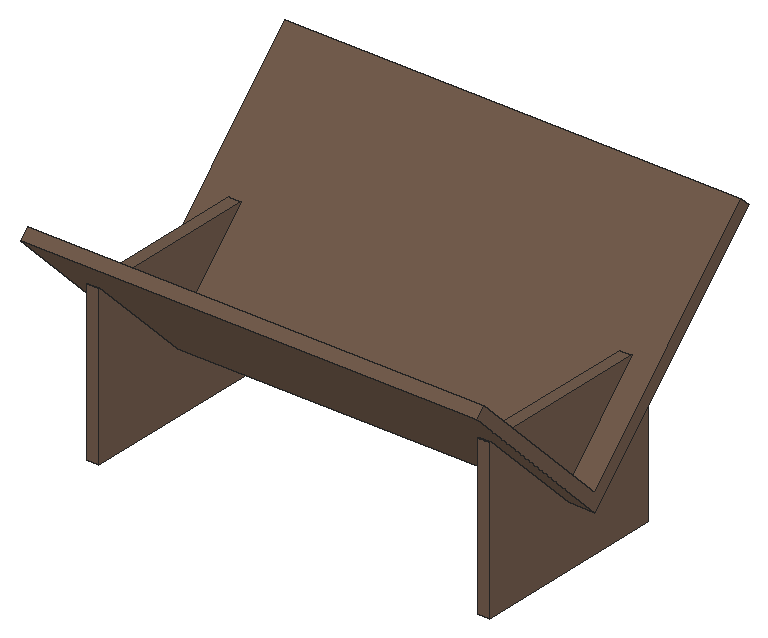
Revit family "Indoor_Side Table_Santa & Cole_Librero Oakland", category Mobiliario, Revit 2018
Family settings
  Se basa en plano de trabajo = No
  Siempre vertical = Sí
  Corte con vacíos al cargar = No
  Compartido = No
  Punto de cálculo de habitación = No
Parameters (values of type "Librero Oakland - Walnut")
  URL = "https://www.santacole.com/en/product/accesorios-mob-en/oakland/"
  Technical Information = "https://www.santacole.com//recursos/productos/downloads/pdf_espec_tecnicas/SC_Oakland_data%20sheet.pdf"
  Modelo = "Oakland"
  Material = Santa & Cole - Walnut Wood
  Manufacturer website = "https://www.santacole.com/en/"
  Fabricante = "Santa & Cole"
  Designed by = "Book/Shop, 2011"
  Contact phone = "+34.938.619.100"
  Contact e-mail = "info@santacole.com"
  Code = "OAKFA01"
Types (2, lengths in mm): name | Material | Code
  Librero Oakland - Birch | Santa & Cole - Birch Wood | "OAKFA02"
  Librero Oakland - Walnut | Santa & Cole - Walnut Wood | "OAKFA01"
Reference planes
  plane 1 "Centro (Frontal/Posterior)": y = 0
  plane 2: z = 0
  plane 3 "Centro (Izquierda/Derecha)": x = 0
Forms (mm)
  Extrusion 1, solid, material "Santa & Cole - Walnut Wood" <- "Material"
    sketch origin (0, 0, 0) x (1, 0, 0) y (0, 1, 0)
      loop
        line (-194.5, 190) -> (-194.5, 0) -> (-182.5, 0) -> (-182.5, 190) -> (-194.5, 190)
      loop
        line (182.5, 190) -> (182.5, 0) -> (194.5, 0) -> (194.5, 190) -> (182.5, 190)
    from 0 to 152
  Extrusion 2, solid, material "Santa & Cole - Walnut Wood" <- "Material"
    sketch origin (0, 0, 0) x (0, 1, 0) y (0, 0, 1)
      loop
        line (-39.286, 209.708) -> (-47.761, 201.213) -> (95.252, 58.554) -> (279.731, 243.492) -> (271.235, 251.966) -> (95.231, 75.525) -> (-39.286, 209.708)
    from -220 to 220
Cuts and joins
  joined: Extrusion 1, Extrusion 2
Dimensions and locks
  aligned and locked: level to plane 2
